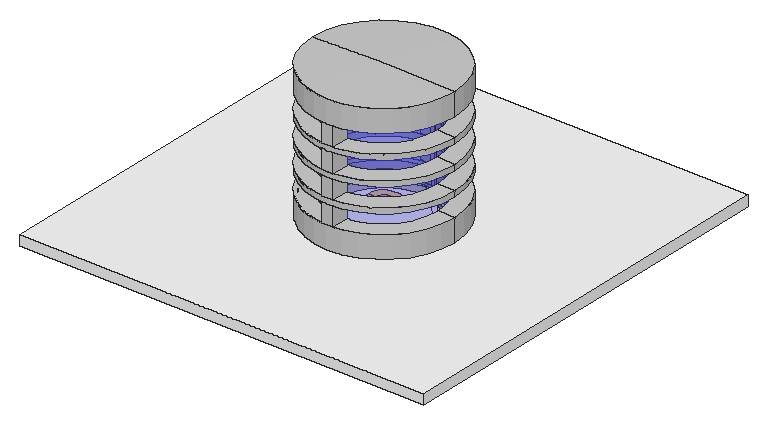
Revit family "BE_99760_de_DE", category Leuchten, Revit 2015
Parameters (values of type "BEGA_99760_Silber_K4")
  built-in parameter 1150104 = 10.013 (stored number, unit not read)
  Werkzeuglos = ""
  Wattage = 9 W
  Default Elevation = 0 mm
  built-in parameter 1150113 = 1 (stored number, unit not read)
  built-in parameter 1114218 = 1 (stored number, unit not read)
  Umgebungstemperatur = "25 °C"
  URL = "http://www.bega.de/produkt/99760"
  Typenkommentare = "© 2015 BEGA. Wir behalten uns das Recht vor, technische Änderungen ohne vorherige Ankündigung vorzunehmen."  # constant formula
  Type Image = 99760.png
  built-in parameter 1150134 = 12
  built-in parameter 1150109 = 1 (stored number, unit not read)
  Strom = ""
  built-in parameter 1150110 = 1 (stored number, unit not read)
  Spannung = 0 V
  Sonderanfertigung = no
  Seriennummer [instance] = "Hier können Sie die eindeutige Seriennummer für das Facility Management eintragen."
  Schutzklasse = "I"
  Schutzart = "IP 65"
  Scheinlast = 0 VA
  Produktdatenblatt = "http://www.bega.de/download/datenblaetter/de/99760.pdf"
  Oberflächentemperatur = ""
  Neigungswinkel = 0.00°
  Modell = "99760AK4"
  Material_18 = BEGA_Gummi_schwarz
  Material_17 = BEGA_Reflektor
  Material_15 = BEGA_Leuchtmedium_matt
  Material_11 = BEGA_Glas_opal
  Material_06 = BEGA_Oberfläche_Edelstahl_gebürstet
  Material_02 = BEGA_Oberfläche_Silber_matt
  Material_01 [instance] = BEGA_Oberfläche_Grafit_matt
  M_G = no
  M_A = yes
  Logo = 0
  built-in parameter 1114217 = 1 (stored number, unit not read)
  built-in parameter 1150139 = (empty or 0)
  built-in parameter 1150105 = 77.192 (stored number, unit not read)
  built-in parameter 1150114 = 1 (stored number, unit not read)
  Lumens = 970.02 lm
  built-in parameter 1150115 = 1 (stored number, unit not read)
  Leuchtenlichtstrom = "200 lm"
  Leuchtenanzahl = ""
  Lebensdauerkriterien = "L70 = 50.000 h"
  Lastklassifizierung = Beleuchtung
  built-in parameter 1150112 = 1 (stored number, unit not read)
  Lampenlichtstrom = "970 lm"
  Lampe = "LED 9 W"
  LED_Modulbezeichnung = "LED-0557/840 "
  built-in parameter 1150142 = (empty or 0)
  Hersteller = "BEGA"  # constant formula
  Gewicht = "2.45 kg"
  Gebrauchslageneinschränkung [instance] = ""
  Frequenz = "0/50-60 Hz"
  Farbwiedergabeindex = "Ra > 80"
  Farbtemperaturverschiebung bei Dämpfen der Lampe = <Keine Auswahl>
  Farbtemperatur = "4000 K"
  Color Filter = 16777215
  built-in parameter 1150133 = 10 (stored number, unit not read)
  Energieeffizienzklasse = "LED A++ - A"
  built-in parameter 1150137 = (empty or 0)
  built-in parameter 1150132 = (empty or 0)
  ENEC = ""
  Datei für fotometrisches Netz = "BE_99760K4.IES"
  CE_Konformität = "ja"
  Bestellnummer = "99760AK4"
  Beschreibung_Sonderanfertigung = "Hier können Sie Informationen zur Sonderanfertigung eintragen."
  Beschreibung = "Pollerleuchtenkopf"
  built-in parameter 1150106 = 0.77192 (stored number, unit not read)
  BEGA_Intern_aus = yes
  BEGA_Intern_an = yes
  BEGA_Intern_Konstruktion = yes
  BEGA_Intern = yes
  BEGA_IES = yes
  BEGA_Dummy = no
  Anschlussleistung [instance] = "1.0 m H05VV-F 3 G 1²"
  built-in parameter 1150107 = 4000 (stored number, unit not read)
  built-in parameter 1150102 = (empty or 0)
  built-in parameter 1150138 = (empty or 0)
  Aktualisierung = "2015-12-08T04:08:23"
  AC/DC = "AC/DC"
Types (5, lengths in mm): name | built-in parameter 1150104 | built-in parameter 1150134 | Modell | M_G | M_A | built-in parameter 1150105 | Lumens | Leuchtenlichtstrom | Lampenlichtstrom | LED_Modulbezeichnung | Farbtemperatur | Datei für fotometrisches Netz | Bestellnummer | built-in parameter 1150106 | built-in parameter 1150107
  (no name) | 10.013 (stored number, unit not read) | 12 | "99760AK4" | no | yes | 77.192 (stored number, unit not read) | 970.02 lm | "200 lm" | "970 lm" | "LED-0557/840 " | "4000 K" | "BE_99760K4.IES" | "99760AK4" | 0.77192 (stored number, unit not read) | 4000 (stored number, unit not read)
  BEGA_99760_Grafit_K4 | 10.013 (stored number, unit not read) | 12 | "99760K4" | yes | no | 77.192 (stored number, unit not read) | 970.02 lm | "200 lm" | "970 lm" | "LED-0557/840 " | "4000 K" | "BE_99760K4.IES" | "99760K4" | 0.77192 (stored number, unit not read) | 4000 (stored number, unit not read)
  BEGA_99760_Silber_K3 | 9.4455 (stored number, unit not read) | (empty or 0) | "99760A" | no | yes | 72.816 (stored number, unit not read) | 915.03 lm | "188 lm" | "915 lm" | "LED-0557/830 " | "3000 K" | "BE_99760.IES" | "99760A" | 0.72816 (stored number, unit not read) | 3000 (stored number, unit not read)
  BEGA_99760_Silber_K4 | 10.013 (stored number, unit not read) | 12 | "99760AK4" | no | yes | 77.192 (stored number, unit not read) | 970.02 lm | "200 lm" | "970 lm" | "LED-0557/840 " | "4000 K" | "BE_99760K4.IES" | "99760AK4" | 0.77192 (stored number, unit not read) | 4000 (stored number, unit not read)
  BEGA_99760_Grafit_K3 | 9.4455 (stored number, unit not read) | (empty or 0) | "99760" | yes | no | 72.816 (stored number, unit not read) | 915.03 lm | "188 lm" | "915 lm" | "LED-0557/830 " | "3000 K" | "BE_99760.IES" | "99760" | 0.72816 (stored number, unit not read) | 3000 (stored number, unit not read)
Reference planes
  plane 1 "Mitte (Vorne/Hinten)": y = 0
  plane 2: z = 0
  plane 3 "Mitte (Links/Rechts)": x = 0
  plane 4 "Links": x = -70
  plane 5 "Rechts": x = 70
  plane 6 "Unten": y = -69.784
  plane 7 "Oben": y = 69.784
  plane 8 "Vorne": z = 133.6
  plane 9 "Hinten": z = -132.072
Forms (mm)
  Extrusion 1, solid, material "BEGA_Platte_Weiss"
    sketch origin (0, -1119.2, 0) x (1, 0, 0) y (0, 1, 0)
      loop
        line (-200, 1319.2) -> (-200, 919.2) -> (200, 919.2) -> (200, 1319.2) -> (-200, 1319.2)
    from 0 to -10
  Extrusion 2, solid, material "BEGA_Dummy_matt", visible <- "BEGA_Dummy"
    sketch origin (77.149, -76.023, 0) x (1, 0, 0) y (0, 1, 0)
      loop
        circle (-77.149, 76.023) r 70
    from 0 to 25.379
Dimensions and locks
  plane 1 "Mitte (Vorne/Hinten)" to Extrusion 1 = 200 mm
  aligned and locked: plane 2 to Extrusion 1
  aligned and locked: level to Extrusion 1
Nested families
  nested 1: "BE_99760_Pollerkopf" at (0, 0, 0), type "BE_99760_Pollerkopf"
    with BEGA_Infotext_Winkel no
Connectors
  electrical at (0, 0, 0), driven by "Lastklassifizierung", driven by "Spannung", driven by "Scheinlast"
    settings: index 1, voltage 0 V, apparent load 0 VA, apparent load phase1 0 VA, apparent load phase2 0 VA, apparent load phase3 0 VA, power factor 1, load classification "Beleuchtung", number of poles 1, system type 31, power factor state 1, is connector primary yes, connector utility no, sub classification motor no, connector description ""
Definition of nested family "BE_99760_Pollerkopf"
  Parameters (values of type "BE_99760_Pollerkopf")
    Default Elevation = 1 mm
    URL = "http://www.bega.de/de/produkt"
    Type Comments = "© 2015 BEGA. Wir behalten uns das Recht vor, technische Änderungen ohne vorherige Ankündigung vorzunehmen. "  # constant formula
    Type Image = Bega_Revit_Typenbild_78x78.png
    Material_18 = none
    Material_15 = none
    Material_11 = none
    Material_02 = none
    Material_01 = none
    M_G = yes
    M_A = yes
    Länge_Platte = 200 mm  # constant formula
    Höhe_Platte = -10 mm  # constant formula
    Manufacturer = "BEGA"  # constant formula
    Breite_Platte = 200 mm  # constant formula
    BEGA_Infotext_Winkel [instance] = no
    Aktualisierung = "Stand: 25.03.2015"  # constant formula
  Reference planes
    plane 1 "Mitte (Oben/Unten)": y = 0
    plane 2: z = 0
    plane 3 "Mitte (Links/Rechts)": x = 0
    plane 4 "Links": x = -70
    plane 5 "Rechts": x = 70
    plane 6 "Oben": y = 69.784
    plane 7 "Unten": y = -69.784
    plane 8: z = 133.6
    plane 9: z = -132.072
  Forms (mm)
    Extrusion 1, solid, detail levels medium
      sketch origin (0, 0, 0) x (1, 0, 0) y (0, 1, 0)
        loop
          line (-100, 100) -> (-100, -100) -> (100, -100) -> (100, 100) -> (-100, 100)
      from 0 to -10 <- "Höhe_Platte"
    Revolve 2, solid, material <- "Material_01", visible <- "M_G", detail levels medium+fine
      sketch origin (0, 0, 0) x (1, 0, 0) y (0, 0, 1)
        loop
          line (-70, 133.6) -> (-70, 111.6) -> (-52.712, 110.996) -> (-52.5, 126.146) -> (-33.8, 126.146) -> (-33.625, 131.146) -> (0, 131.146) -> (0, 134.822) -> (-70, 133.6)
        loop
          line (-52.953, 93.695) -> (-70, 93.1) -> (-70, 87.9) -> (-53.042, 87.308) -> (-52.953, 93.695)
        loop
          line (-70, 69.4) -> (-70, 64.2) -> (-53.373, 63.619) -> (-53.284, 69.984) -> (-70, 69.4)
        loop
          line (-53.615, 46.272) -> (-70, 45.7) -> (-70, 40.5) -> (-53.704, 39.931) -> (-53.615, 46.272)
        loop
          line (-70, 0) -> (-67.2, 0) -> (-66.54, 18.896) -> (-53.998, 18.896) -> (-53.946, 22.561) -> (-70, 22) -> (-70, 0)
        axis (0, 134.822) -> (0, 0)
      angle from 0 to 360
    Extrusion 3, solid, material <- "Material_01", visible <- "M_G", detail levels medium+fine
      sketch origin (0, 0, 0) x (1, 0, 0) y (0, 1, 0)
        loop
          line (-5.5, 69.784) -> (-6.835, 54.521)
          arc (-6.835, 54.521) -> (0.016, 54.86) -> (6.854, 54.31) r 52.953
          line (6.854, 54.31) -> (5.5, 69.784)
          arc (5.5, 69.784) -> (0, 70) -> (-5.5, 69.784) r 70
        loop
          arc (-5.394, -69.792) -> (0.064, -70.003) -> (5.521, -69.789) r 69.998
          line (5.521, -69.789) -> (6.914, -53.872)
          arc (6.914, -53.872) -> (0.063, -54.314) -> (-6.787, -53.864) r 52.95
          line (-6.787, -53.864) -> (-5.394, -69.792)
      from 0 to 111.6
    Revolve 4, solid, material <- "Material_11"
      sketch origin (0, 0, 0) x (1, 0, 0) y (0, 0, 1)
        loop
          line (-39.531, 120.5) -> (0, 120.5) -> (0, 125.5) -> (-48.379, 125.5)
          arc (-48.379, 125.5) -> (-50.481, 124.64) -> (-51.378, 122.552) r 3
          line (-51.378, 122.552) -> (-53.5, 1) -> (-48.5, 1) -> (-45.524, 114.657)
          arc (-45.524, 114.657) -> (-43.714, 118.796) -> (-39.531, 120.5) r 6
        axis (0, 125.5) -> (0, 1)
      angle from 0 to 360
    Revolve 5, solid, material <- "Material_01", visible <- "M_G", detail levels medium+fine
      sketch origin (0, 0, 0) x (1, 0, 0) y (0, 0, 1)
        loop
          line (-66.8, 0) -> (-64.8, 0) -> (-63.389, -8) -> (-57, -8.223) -> (-57, -26.7) -> (-60, -29.7) -> (-60, -32.2) -> (-46.792, -32.2) -> (-46.446, -42.099)
          arc (-46.446, -42.099) -> (-46.236, -42.929) -> (-45.698, -43.595) r 2
          line (-45.698, -43.595) -> (-43.935, -45) -> (-32.5, -45) -> (-32.203, -53.5) -> (-29.5, -53.5) -> (-28.834, -40.8) -> (-6.049, -40.8) -> (-6.147, -38) -> (-42.929, -38) -> (-44.5, 7) -> (-46.651, 7) -> (-47, -3) -> (-54, -3) -> (-54.244, 4) -> (-66.8, 4) -> (-66.8, 0)
        axis (0, 7) -> (0, -53.5)
      angle from 0 to 360
    Revolve 6, solid, material <- "Material_01", visible <- "M_G", detail levels medium+fine
      sketch origin (0, 0, 0) x (1, 0, 0) y (0, 0, 1)
        loop
          line (-33.87, -53.5) -> (-33.8, -57.5) -> (-29.3, -57.5) -> (-28.596, -97.844)
          arc (-28.596, -97.844) -> (-27.848, -99.583) -> (-26.096, -100.3) r 2.5
          line (-26.096, -100.3) -> (-13.57, -100.3)
          arc (-13.57, -100.3) -> (-12.869, -100.586) -> (-12.57, -101.281) r 1
          line (-12.57, -101.281) -> (-12.5, -105.3) -> (-7.6, -105.3) -> (-7.6, -98.5) -> (-24.749, -98.5)
          arc (-24.749, -98.5) -> (-26.151, -97.927) -> (-26.749, -96.535) r 2
          line (-26.749, -96.535) -> (-27.5, -53.5) -> (-33.87, -53.5)
        axis (0, -53.5) -> (0, -105.3)
      angle from 0 to 360
    Revolve 7, solid, material <- "Material_18", detail levels medium+fine
      sketch origin (0, 0, 0) x (1, 0, 0) y (0, 0, 1)
        loop
          arc (-9.197, -127.85) -> (-7.969, -130.818) -> (-5.002, -132.05) r 4.2
          line (-5.002, -132.05) -> (0, -132.05) -> (0, -101.05) -> (-6.93, -101.05) -> (-6.93, -106.05) -> (-9.5, -106.05) -> (-9.5, -111.05) -> (-7.6, -111.05) -> (-7.6, -116.55) -> (-9.5, -116.55) -> (-9.5, -126.502) -> (-9.197, -127.85)
        axis (0, -101.05) -> (0, -132.05)
      angle from 0 to 360
    Revolve 8, solid, material <- "Material_15", detail levels medium+fine
      sketch origin (0, 0, 0) x (1, 0, 0) y (0, 0, 1)
        loop
          line (-15, 12) -> (-7.024, 12) -> (-7.024, 13.8) -> (-15, 13.8) -> (-15, 12)
        axis (0, 13.8) -> (0, 12)
      angle from 0 to 360
    Revolve 9, solid, material <- "Material_02", visible <- "M_A", detail levels medium+fine
      sketch origin (0, 0, 0) x (1, 0, 0) y (0, 0, 1)
        loop
          line (-70, 133.6) -> (-70, 111.6) -> (-52.712, 110.996) -> (-52.5, 126.146) -> (-33.8, 126.146) -> (-33.625, 131.146) -> (0, 131.146) -> (0, 134.822) -> (-70, 133.6)
        loop
          line (-52.953, 93.695) -> (-70, 93.1) -> (-70, 87.9) -> (-53.042, 87.308) -> (-52.953, 93.695)
        loop
          line (-70, 69.4) -> (-70, 64.2) -> (-53.373, 63.619) -> (-53.284, 69.984) -> (-70, 69.4)
        loop
          line (-53.615, 46.272) -> (-70, 45.7) -> (-70, 40.5) -> (-53.704, 39.931) -> (-53.615, 46.272)
        loop
          line (-70, 0) -> (-67.2, 0) -> (-66.54, 18.896) -> (-53.998, 18.896) -> (-53.946, 22.561) -> (-70, 22) -> (-70, 0)
        axis (0, 134.822) -> (0, 0)
      angle from 0 to 360
    Extrusion 10, solid, material <- "Material_02", visible <- "M_A", detail levels medium+fine
      sketch origin (0, 0, 0) x (1, 0, 0) y (0, 1, 0)
        loop
          line (-5.5, 69.784) -> (-6.835, 54.521)
          arc (-6.835, 54.521) -> (0.016, 54.86) -> (6.854, 54.31) r 52.953
          line (6.854, 54.31) -> (5.5, 69.784)
          arc (5.5, 69.784) -> (0, 70) -> (-5.5, 69.784) r 70
        loop
          arc (-5.394, -69.792) -> (0.064, -70.003) -> (5.521, -69.789) r 69.998
          line (5.521, -69.789) -> (6.914, -53.872)
          arc (6.914, -53.872) -> (0.063, -54.314) -> (-6.787, -53.864) r 52.95
          line (-6.787, -53.864) -> (-5.394, -69.792)
      from 0 to 111.6
    Revolve 11, solid, material <- "Material_02", visible <- "M_A", detail levels medium+fine
      sketch origin (0, 0, 0) x (1, 0, 0) y (0, 0, 1)
        loop
          line (-66.8, 0) -> (-64.8, 0) -> (-63.389, -8) -> (-57, -8.223) -> (-57, -26.7) -> (-60, -29.7) -> (-60, -32.2) -> (-46.792, -32.2) -> (-46.446, -42.099)
          arc (-46.446, -42.099) -> (-46.236, -42.929) -> (-45.698, -43.595) r 2
          line (-45.698, -43.595) -> (-43.935, -45) -> (-32.5, -45) -> (-32.203, -53.5) -> (-29.5, -53.5) -> (-28.834, -40.8) -> (-6.049, -40.8) -> (-6.147, -38) -> (-42.929, -38) -> (-44.5, 7) -> (-46.651, 7) -> (-47, -3) -> (-54, -3) -> (-54.244, 4) -> (-66.8, 4) -> (-66.8, 0)
        axis (0, 7) -> (0, -53.5)
      angle from 0 to 360
    Revolve 12, solid, material <- "Material_02", visible <- "M_A", detail levels medium+fine
      sketch origin (0, 0, 0) x (1, 0, 0) y (0, 0, 1)
        loop
          line (-33.87, -53.5) -> (-33.8, -57.5) -> (-29.3, -57.5) -> (-28.596, -97.844)
          arc (-28.596, -97.844) -> (-27.848, -99.583) -> (-26.096, -100.3) r 2.5
          line (-26.096, -100.3) -> (-13.57, -100.3)
          arc (-13.57, -100.3) -> (-12.869, -100.586) -> (-12.57, -101.281) r 1
          line (-12.57, -101.281) -> (-12.5, -105.3) -> (-7.6, -105.3) -> (-7.6, -98.5) -> (-24.749, -98.5)
          arc (-24.749, -98.5) -> (-26.151, -97.927) -> (-26.749, -96.535) r 2
          line (-26.749, -96.535) -> (-27.5, -53.5) -> (-33.87, -53.5)
        axis (0, -53.5) -> (0, -105.3)
      angle from 0 to 360
  Cuts and joins
    joined: Revolve 2, Extrusion 3
    joined: Revolve 9, Extrusion 10
  Dimensions and locks
    equal spacing: Extrusion 1 sketch curve, plane 3 "Mitte (Links/Rechts)", Extrusion 1 sketch curve
    equal spacing: Extrusion 1 sketch curve, plane 1 "Mitte (Oben/Unten)", Extrusion 1 sketch curve
    "Länge_Platte": Extrusion 1 sketch curve to Extrusion 1 sketch curve
    "Breite_Platte": Extrusion 1 sketch curve to Extrusion 1 sketch curve
    plane 1 "Mitte (Oben/Unten)" to Extrusion 1 = 100 mm  (x3)
    aligned and locked: Extrusion 1 to plane 2
    aligned and locked: Extrusion 1 to level
  Automatic sketch dimensions
    Revolve 2 sketch curve to Revolve 2 sketch curve = 22 mm
    Revolve 2 sketch curve to Revolve 2 sketch curve = 17.288 mm
    Revolve 2 sketch curve to Revolve 2 sketch curve = 0.604 mm
    Revolve 2 sketch curve to Revolve 2 sketch curve = 0.212 mm
    Revolve 2 sketch curve to Revolve 2 sketch curve = 15.15 mm
    Revolve 2 sketch curve to Revolve 2 sketch curve = 18.7 mm
    Revolve 2 sketch curve to Revolve 2 sketch curve = 0.175 mm
    Revolve 2 sketch curve to Revolve 2 sketch curve = 33.625 mm
    Revolve 2 sketch curve to Revolve 2 sketch curve = 5 mm
    Revolve 2 sketch curve to plane 3 "Mitte (Links/Rechts)" = 0 mm  (x2)
    Revolve 2 sketch curve to Revolve 2 sketch curve = 0.331 mm  (x3)
    Revolve 2 sketch curve to Revolve 2 sketch curve = 0.089 mm  (x3)
    Revolve 2 sketch curve to Revolve 2 sketch curve = 17.301 mm
    Revolve 2 sketch curve to Revolve 2 sketch curve = 6.387 mm
    Revolve 2 sketch curve to Revolve 2 sketch curve = 16.958 mm
    Revolve 2 sketch curve to Revolve 2 sketch curve = 0.595 mm
    Revolve 2 sketch curve to Revolve 2 sketch curve = 5.2 mm  (x3)
    Revolve 2 sketch curve to Revolve 2 sketch curve = 17.324 mm
    Revolve 2 sketch curve to Revolve 2 sketch curve = 6.364 mm
    Revolve 2 sketch curve to Revolve 2 sketch curve = 16.716 mm
    Revolve 2 sketch curve to Revolve 2 sketch curve = 0.584 mm
    Revolve 2 sketch curve to Revolve 2 sketch curve = 17.347 mm
    Revolve 2 sketch curve to Revolve 2 sketch curve = 6.341 mm
    Revolve 2 sketch curve to Revolve 2 sketch curve = 16.385 mm
    Revolve 2 sketch curve to Revolve 2 sketch curve = 0.572 mm
    Revolve 2 sketch curve to level = 0 mm
    level to Revolve 2 sketch curve = 22.561 mm
    Revolve 2 sketch curve to Revolve 2 sketch curve = 0.243 mm
    Revolve 2 sketch curve to Revolve 2 sketch curve = 16.054 mm
    level to Revolve 2 sketch curve = 22 mm
    Revolve 2 sketch curve to Revolve 2 sketch curve = 2.8 mm
    Revolve 2 sketch curve to Revolve 2 sketch curve = 3.46 mm
    Revolve 2 sketch curve to Revolve 2 sketch curve = 0.051 mm
    level to Revolve 2 sketch curve = 18.896 mm
    Revolve 4 sketch curve to plane 3 "Mitte (Links/Rechts)" = 51.378 mm
    Revolve 4 sketch curve to Revolve 4 sketch curve = 3 mm
    Revolve 4 sketch curve to Revolve 4 sketch curve = 8.853 mm
    Revolve 4 sketch curve to Revolve 4 sketch curve = 8 mm
    Revolve 4 sketch curve to Revolve 4 sketch curve = 0.052 mm
    level to Revolve 4 sketch curve = 1 mm
    Revolve 4 sketch curve to plane 3 "Mitte (Links/Rechts)" = 53.5 mm
    Revolve 4 sketch curve to Revolve 4 sketch curve = 0 mm  (x4)
    Revolve 4 sketch curve to Revolve 4 sketch curve = 5.998 mm
    Revolve 4 sketch curve to Revolve 4 sketch curve = 0.005 mm
    Revolve 4 sketch curve to Revolve 4 sketch curve = 0.157 mm
    Revolve 4 sketch curve to Revolve 4 sketch curve = 5 mm  (x2)
    Revolve 4 sketch curve to plane 3 "Mitte (Links/Rechts)" = 0 mm  (x2)
    Revolve 5 sketch curve to level = 0 mm
    Revolve 5 sketch curve to Revolve 5 sketch curve = 2 mm
    Revolve 5 sketch curve to Revolve 5 sketch curve = 1.411 mm
    Revolve 5 sketch curve to level = 8 mm
    Revolve 5 sketch curve to level = 8.223 mm
    Revolve 5 sketch curve to Revolve 5 sketch curve = 6.389 mm
    level to Revolve 5 sketch curve = 4 mm
    Revolve 5 sketch curve to Revolve 5 sketch curve = 10.556 mm
    Revolve 5 sketch curve to Revolve 5 sketch curve = 0.244 mm
    Revolve 5 sketch curve to Revolve 5 sketch curve = 7 mm
    Revolve 5 sketch curve to level = 3 mm
    Revolve 5 sketch curve to Revolve 5 sketch curve = 7.594 mm
    Revolve 5 sketch curve to Revolve 5 sketch curve = 2.151 mm
    level to Revolve 5 sketch curve = 7 mm
    Revolve 5 sketch curve to Revolve 5 sketch curve = 14.071 mm
    Revolve 5 sketch curve to Revolve 5 sketch curve = 18.477 mm
    Revolve 5 sketch curve to Revolve 5 sketch curve = 11.3 mm
    Revolve 5 sketch curve to Revolve 5 sketch curve = 3 mm
    Revolve 5 sketch curve to Revolve 5 sketch curve = 3.863 mm
    Revolve 5 sketch curve to Revolve 5 sketch curve = 3.518 mm
    Revolve 5 sketch curve to Revolve 5 sketch curve = 2.512 mm
    Revolve 5 sketch curve to Revolve 5 sketch curve = 36.782 mm
    Revolve 5 sketch curve to Revolve 5 sketch curve = 0.297 mm
    Revolve 5 sketch curve to Revolve 5 sketch curve = 2.703 mm
    Revolve 5 sketch curve to Revolve 5 sketch curve = 4.099 mm
    Revolve 5 sketch curve to Revolve 5 sketch curve = 8.5 mm
    Revolve 5 sketch curve to Revolve 5 sketch curve = 5.8 mm
    Revolve 5 sketch curve to Revolve 5 sketch curve = 2.5 mm
    Revolve 5 sketch curve to Revolve 5 sketch curve = 1.999 mm
    Revolve 5 sketch curve to Revolve 5 sketch curve = 0.064 mm
    Revolve 5 sketch curve to Revolve 5 sketch curve = 0.749 mm
    Revolve 6 sketch curve to plane 3 "Mitte (Links/Rechts)" = 33.87 mm
    Revolve 6 sketch curve to Revolve 6 sketch curve = 0.07 mm  (x2)
    Revolve 6 sketch curve to Revolve 6 sketch curve = 4 mm  (x2)
    Revolve 6 sketch curve to plane 3 "Mitte (Links/Rechts)" = 26.096 mm
    Revolve 6 sketch curve to Revolve 6 sketch curve = 1.347 mm  (x2)
    Revolve 6 sketch curve to Revolve 6 sketch curve = 11.179 mm
    Revolve 6 sketch curve to Revolve 6 sketch curve = 1.3 mm
    Revolve 6 sketch curve to Revolve 6 sketch curve = 4.5 mm
    Revolve 6 sketch curve to Revolve 6 sketch curve = 2.5 mm
    Revolve 6 sketch curve to Revolve 6 sketch curve = 0 mm  (x9)
    Revolve 6 sketch curve to Revolve 6 sketch curve = 1.8 mm
    Revolve 6 sketch curve to Revolve 6 sketch curve = 0.653 mm
    Revolve 6 sketch curve to Revolve 6 sketch curve = 4.9 mm
    Revolve 8 sketch curve to plane 3 "Mitte (Links/Rechts)" = 15 mm
    level to Revolve 8 sketch curve = 12 mm
    Revolve 8 sketch curve to plane 3 "Mitte (Links/Rechts)" = 7.024 mm
    Revolve 8 sketch curve to plane 3 "Mitte (Links/Rechts)" = 0 mm
    Revolve 8 sketch curve to Revolve 8 sketch curve = 1.8 mm
    Revolve 2 sketch curve to Revolve 2 sketch curve = 17.37 mm
    Revolve 2 sketch curve to Revolve 2 sketch curve = 3.676 mm
    Revolve 2 sketch curve to Revolve 2 sketch curve = 2474.236 mm
    Revolve 4 sketch curve to Revolve 4 sketch curve = 113.5 mm
    Revolve 4 sketch curve to Revolve 4 sketch curve = 2483.558 mm
    Revolve 8 sketch curve to Revolve 8 sketch curve = 2595.258 mm
    Extrusion 3 sketch curve to Extrusion 3 sketch curve = 0.042 mm
    Extrusion 3 sketch curve to Extrusion 3 sketch curve = 0.005 mm
    Extrusion 3 sketch curve to plane 6 "Oben" = 0 mm  (x2)
    Extrusion 3 sketch curve to plane 7 "Unten" = 0.008 mm
    plane 1 "Mitte (Oben/Unten)" to Extrusion 3 sketch curve = 0.005 mm
    plane 3 "Mitte (Links/Rechts)" to Extrusion 3 sketch curve = 0.042 mm
    Extrusion 3 sketch curve to plane 7 "Unten" = 0.005 mm
    Extrusion 3 sketch curve to plane 3 "Mitte (Links/Rechts)" = 0.797 mm
    Extrusion 3 sketch curve to plane 3 "Mitte (Links/Rechts)" = 5.394 mm
    Extrusion 3 sketch curve to plane 3 "Mitte (Links/Rechts)" = 5.5 mm
    Extrusion 3 sketch curve to plane 3 "Mitte (Links/Rechts)" = 6.835 mm
    Extrusion 3 sketch curve to plane 3 "Mitte (Links/Rechts)" = 6.787 mm
    plane 3 "Mitte (Links/Rechts)" to Extrusion 3 sketch curve = 0.094 mm
    plane 3 "Mitte (Links/Rechts)" to Extrusion 3 sketch curve = 6.854 mm
    plane 3 "Mitte (Links/Rechts)" to Extrusion 3 sketch curve = 6.914 mm
    plane 7 "Unten" to Extrusion 3 sketch curve = 15.911 mm
    Extrusion 3 sketch curve to Extrusion 3 sketch curve = 0.008 mm
    Extrusion 3 sketch curve to plane 1 "Mitte (Oben/Unten)" = 1.913 mm
    Extrusion 3 sketch curve to plane 6 "Oben" = 15.473 mm
    Revolve 5 sketch curve to plane 3 "Mitte (Links/Rechts)" = 0 mm
    Revolve 5 sketch curve to Revolve 5 sketch curve = 3.666 mm
    Revolve 5 sketch curve to Revolve 5 sketch curve = 4.2 mm
    plane 8 to Revolve 5 sketch curve = 2475.458 mm
    Revolve 5 sketch curve to Revolve 5 sketch curve = 26.353 mm
    Revolve 5 sketch curve to plane 3 "Mitte (Links/Rechts)" = 6.049 mm
    Revolve 5 sketch curve to Revolve 5 sketch curve = 0.098 mm
    Revolve 5 sketch curve to Revolve 5 sketch curve = 2.8 mm
    Revolve 7 sketch curve to plane 3 "Mitte (Links/Rechts)" = 0 mm  (x2)
    Revolve 7 sketch curve to plane 3 "Mitte (Links/Rechts)" = 4.997 mm
    Revolve 7 sketch curve to Revolve 7 sketch curve = 0.005 mm
    Revolve 7 sketch curve to Revolve 7 sketch curve = 6.93 mm
    Revolve 7 sketch curve to plane 3 "Mitte (Links/Rechts)" = 7.6 mm
    Revolve 7 sketch curve to Revolve 7 sketch curve = 4.2 mm
    Revolve 7 sketch curve to Revolve 7 sketch curve = 0.303 mm
    Revolve 7 sketch curve to Revolve 7 sketch curve = 1.9 mm
    Revolve 7 sketch curve to Revolve 7 sketch curve = 5 mm  (x2)
    Revolve 7 sketch curve to Revolve 7 sketch curve = 5.5 mm
    Revolve 7 sketch curve to Revolve 7 sketch curve = 9.952 mm
    Revolve 7 sketch curve to Revolve 7 sketch curve = 1.348 mm  (x2)
    Revolve 7 sketch curve to Revolve 7 sketch curve = 477.55 mm
    plane 8 to Revolve 7 sketch curve = 2475.458 mm
    Revolve 2 sketch curve to level = 609.6 mm
    Revolve 4 sketch curve to level = 609.6 mm
    Revolve 5 sketch curve to Revolve 5 sketch curve = 556.1 mm
    Revolve 6 sketch curve to plane 3 "Mitte (Links/Rechts)" = 0 mm
    Revolve 6 sketch curve to Revolve 6 sketch curve = 1 mm
    Revolve 6 sketch curve to level = 105.3 mm
    Revolve 6 sketch curve to Revolve 6 sketch curve = 0.019 mm
    Revolve 6 sketch curve to Revolve 6 sketch curve = 2.781 mm
    Revolve 6 sketch curve to Revolve 6 sketch curve = 0.7 mm
    Revolve 6 sketch curve to Revolve 6 sketch curve = 39.035 mm
    Revolve 6 sketch curve to Revolve 6 sketch curve = 504.3 mm
    plane 8 to Revolve 6 sketch curve = 2475.458 mm
    Revolve 7 sketch curve to level = 101.05 mm
    Revolve 8 sketch curve to level = 609.6 mm
    Revolve 9 sketch curve to plane 4 "Links" = 0 mm  (x5)
    Revolve 9 sketch curve to level = 0 mm
    Revolve 9 sketch curve to plane 3 "Mitte (Links/Rechts)" = 0 mm  (x2)
    Revolve 9 sketch curve to plane 8 = 0 mm
    Revolve 9 sketch curve to Revolve 9 sketch curve = 2.8 mm
    plane 4 "Links" to Revolve 9 sketch curve = 3.46 mm
    Revolve 9 sketch curve to Revolve 9 sketch curve = 12.543 mm
    Revolve 9 sketch curve to Revolve 9 sketch curve = 0.051 mm
    plane 4 "Links" to Revolve 9 sketch curve = 16.296 mm
    Revolve 9 sketch curve to Revolve 9 sketch curve = 0.089 mm  (x3)
    plane 4 "Links" to Revolve 9 sketch curve = 16.627 mm
    plane 4 "Links" to Revolve 9 sketch curve = 16.958 mm
    plane 4 "Links" to Revolve 9 sketch curve = 17.288 mm
    Revolve 9 sketch curve to plane 8 = 7.454 mm
    Revolve 9 sketch curve to Revolve 9 sketch curve = 0.212 mm
    Revolve 9 sketch curve to Revolve 9 sketch curve = 18.7 mm
    Revolve 9 sketch curve to plane 8 = 2.454 mm
    Revolve 9 sketch curve to Revolve 9 sketch curve = 0.175 mm
    level to Revolve 9 sketch curve = 18.896 mm
    Revolve 9 sketch curve to Revolve 9 sketch curve = 3.104 mm
    Revolve 9 sketch curve to Revolve 9 sketch curve = 3.665 mm
    Revolve 9 sketch curve to Revolve 9 sketch curve = 17.37 mm
    Revolve 9 sketch curve to Revolve 9 sketch curve = 0.569 mm
    Revolve 9 sketch curve to Revolve 9 sketch curve = 5.2 mm  (x3)
    Revolve 9 sketch curve to Revolve 9 sketch curve = 6.341 mm
    Revolve 9 sketch curve to Revolve 9 sketch curve = 17.347 mm
    Revolve 9 sketch curve to Revolve 9 sketch curve = 0.581 mm
    Revolve 9 sketch curve to Revolve 9 sketch curve = 6.364 mm
    Revolve 9 sketch curve to Revolve 9 sketch curve = 17.324 mm
    Revolve 9 sketch curve to Revolve 9 sketch curve = 0.592 mm
    Revolve 9 sketch curve to Revolve 9 sketch curve = 6.387 mm
    Revolve 9 sketch curve to Revolve 9 sketch curve = 15.15 mm
    Revolve 9 sketch curve to Revolve 9 sketch curve = 0.604 mm
    plane 8 to Revolve 9 sketch curve = 1.222 mm
    Revolve 9 sketch curve to plane 9 = 477.528 mm
    Revolve 9 sketch curve to Revolve 9 sketch curve = 2474.236 mm
    Extrusion 10 sketch curve to plane 6 "Oben" = 0 mm  (x2)
    plane 1 "Mitte (Oben/Unten)" to Extrusion 10 sketch curve = 0 mm
    Extrusion 10 sketch curve to plane 3 "Mitte (Links/Rechts)" = 0 mm
    Extrusion 10 sketch curve to plane 3 "Mitte (Links/Rechts)" = 0.797 mm
    Extrusion 10 sketch curve to plane 7 "Unten" = 0.008 mm
    Extrusion 10 sketch curve to plane 3 "Mitte (Links/Rechts)" = 5.394 mm
    Extrusion 10 sketch curve to plane 3 "Mitte (Links/Rechts)" = 5.5 mm
    Extrusion 10 sketch curve to plane 3 "Mitte (Links/Rechts)" = 6.787 mm
    Extrusion 10 sketch curve to plane 3 "Mitte (Links/Rechts)" = 6.835 mm
    plane 1 "Mitte (Oben/Unten)" to Extrusion 10 sketch curve = 0.005 mm
    plane 3 "Mitte (Links/Rechts)" to Extrusion 10 sketch curve = 0.042 mm
    plane 3 "Mitte (Links/Rechts)" to Extrusion 10 sketch curve = 0.094 mm
    Extrusion 10 sketch curve to plane 7 "Unten" = 0.005 mm
    plane 3 "Mitte (Links/Rechts)" to Extrusion 10 sketch curve = 6.854 mm
    plane 3 "Mitte (Links/Rechts)" to Extrusion 10 sketch curve = 6.914 mm
    plane 7 "Unten" to Extrusion 10 sketch curve = 15.911 mm
    Extrusion 10 sketch curve to Extrusion 10 sketch curve = 0.008 mm
    Extrusion 10 sketch curve to plane 1 "Mitte (Oben/Unten)" = 1.913 mm
    Extrusion 10 sketch curve to plane 6 "Oben" = 15.473 mm
    Revolve 11 sketch curve to level = 0 mm
    Revolve 11 sketch curve to plane 3 "Mitte (Links/Rechts)" = 0 mm
    Revolve 11 sketch curve to plane 3 "Mitte (Links/Rechts)" = 6.049 mm
    Revolve 11 sketch curve to Revolve 11 sketch curve = 0.098 mm
    Revolve 11 sketch curve to Revolve 11 sketch curve = 22.786 mm
    Revolve 11 sketch curve to Revolve 11 sketch curve = 0.666 mm
    Revolve 11 sketch curve to Revolve 11 sketch curve = 2.703 mm
    Revolve 11 sketch curve to Revolve 11 sketch curve = 3.666 mm
    Revolve 11 sketch curve to Revolve 11 sketch curve = 10.429 mm
    Revolve 11 sketch curve to Revolve 11 sketch curve = 1.006 mm
    Revolve 11 sketch curve to Revolve 11 sketch curve = 0.513 mm
    level to Revolve 11 sketch curve = 7 mm
    plane 4 "Links" to Revolve 11 sketch curve = 25.5 mm
    Revolve 11 sketch curve to Revolve 11 sketch curve = 1.25 mm
    Revolve 11 sketch curve to Revolve 11 sketch curve = 0.749 mm
    Revolve 11 sketch curve to Revolve 11 sketch curve = 2.151 mm
    Revolve 11 sketch curve to Revolve 11 sketch curve = 3.863 mm
    Revolve 11 sketch curve to level = 3 mm
    Revolve 11 sketch curve to Revolve 11 sketch curve = 0.349 mm
    Revolve 11 sketch curve to Revolve 11 sketch curve = 7 mm
    Revolve 11 sketch curve to Revolve 11 sketch curve = 0.244 mm
    Revolve 11 sketch curve to Revolve 11 sketch curve = 3 mm  (x3)
    Revolve 11 sketch curve to Revolve 11 sketch curve = 6.389 mm
    plane 4 "Links" to Revolve 11 sketch curve = 5.2 mm
    Revolve 11 sketch curve to Revolve 11 sketch curve = 2 mm
    Revolve 11 sketch curve to level = 8 mm
    Revolve 11 sketch curve to Revolve 11 sketch curve = 5.223 mm
    Revolve 11 sketch curve to Revolve 11 sketch curve = 18.477 mm
    Revolve 11 sketch curve to Revolve 11 sketch curve = 2.5 mm
    Revolve 11 sketch curve to level = 38 mm
    Revolve 11 sketch curve to Revolve 11 sketch curve = 2.8 mm
    Revolve 11 sketch curve to Revolve 11 sketch curve = 4.034 mm
    Revolve 11 sketch curve to Revolve 11 sketch curve = 0.064 mm
    Revolve 11 sketch curve to Revolve 11 sketch curve = 4.2 mm
    Revolve 11 sketch curve to Revolve 11 sketch curve = 8.5 mm
    Revolve 11 sketch curve to Revolve 11 sketch curve = 4 mm
    Revolve 11 sketch curve to plane 9 = 477.528 mm
    plane 8 to Revolve 11 sketch curve = 2475.458 mm
    plane 3 "Mitte (Links/Rechts)" to Revolve 12 sketch curve = 0 mm
    Revolve 12 sketch curve to plane 3 "Mitte (Links/Rechts)" = 7.6 mm
    Revolve 12 sketch curve to Revolve 12 sketch curve = 4.9 mm
    Revolve 12 sketch curve to Revolve 12 sketch curve = 0.07 mm  (x2)
    Revolve 12 sketch curve to Revolve 12 sketch curve = 1 mm
    Revolve 12 sketch curve to Revolve 12 sketch curve = 11.179 mm
    Revolve 12 sketch curve to Revolve 12 sketch curve = 1.347 mm  (x3)
    Revolve 12 sketch curve to plane 3 "Mitte (Links/Rechts)" = 27.5 mm
    Revolve 12 sketch curve to Revolve 12 sketch curve = 1.8 mm
    Revolve 12 sketch curve to Revolve 12 sketch curve = 4.5 mm
    plane 9 to Revolve 12 sketch curve = 26.772 mm
    Revolve 12 sketch curve to Revolve 12 sketch curve = 4 mm  (x2)
    Revolve 12 sketch curve to Revolve 12 sketch curve = 0.019 mm
    Revolve 12 sketch curve to Revolve 12 sketch curve = 2.781 mm
    Revolve 12 sketch curve to Revolve 12 sketch curve = 0.7 mm
    Revolve 12 sketch curve to Revolve 12 sketch curve = 1.3 mm
    Revolve 12 sketch curve to Revolve 12 sketch curve = 39 mm
    Revolve 12 sketch curve to Revolve 12 sketch curve = 0 mm  (x8)
    Revolve 12 sketch curve to Revolve 12 sketch curve = 0.653 mm
    Revolve 12 sketch curve to Revolve 12 sketch curve = 1.847 mm
    Revolve 12 sketch curve to plane 9 = 477.528 mm
    plane 8 to Revolve 12 sketch curve = 2475.458 mm
